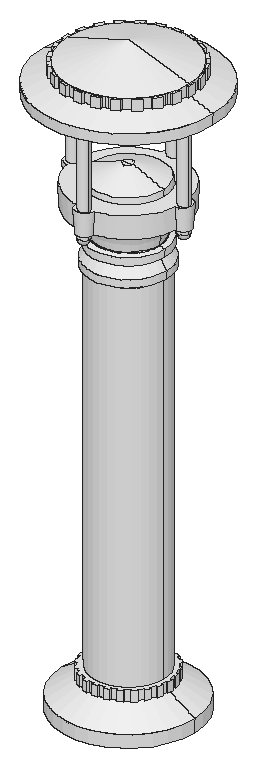
Revit family "BNB4", category Lighting Fixtures, Revit 2021
Family settings
  Round Connector Dimension = Use Diameter
  Part Type = Normal
  OmniClass Number = 23.80.70.14.11
  OmniClass Title = Amenity Lighting
  Work Plane-Based = No
  Always vertical = Yes
  Cut with Voids When Loaded = No
  Light Source = Yes
  Shared = No
  Room Calculation Point = No
Parameters
  Wattage Comments = "21,31 & 41 Watts"  # constant formula
  Wattage = 12.1178 W
  built-in parameter 1150110 = 1 (stored number, unit not read)
  Voltage = 208 V
  URL = "https://www.currentlighting.com/kimlighting"
  Type Comments = "Lighting Fixture"  # constant formula
  built-in parameter 1114217 = 1 (stored number, unit not read)
  Tilt Angle = 90.00°
  built-in parameter 1150109 = 1 (stored number, unit not read)
  built-in parameter 1150134 = (empty or 0)
  built-in parameter 1150113 = 1 (stored number, unit not read)
  Series = "Bounce Bollard Luminaire"  # constant formula
  Product Page URL = ""
  Product Documentation Link = ""
  Power Factor = 1
  Photometric Web File = "bnb-18l3k.ies"
  Photometric Notes = "More IES files download on Photometric Web Link"  # constant formula
  Number of Poles = 1
  Note Visible = yes
  Note Text = "LF"  # constant formula
  Model = "Bounce Bollard"  # constant formula
  MasterFormat Title = "Landscape Lighting, Site Lighting, Walkway Lighting"  # constant formula
  Manufacturer = "Kim Lighting"  # constant formula
  Lumens = 1800 lm
  built-in parameter 1150115 = 1 (stored number, unit not read)
  built-in parameter 1150105 = -856800 (stored number, unit not read)
  Load Classification = Lighting
  Lighting Source Height = 38"
  built-in parameter 1150137 = (empty or 0)
  built-in parameter 1150139 = (empty or 0)
  built-in parameter 1150112 = 1 (stored number, unit not read)
  built-in parameter 1150114 = 1 (stored number, unit not read)
  Lamp = "LED"  # constant formula
  Initial Lumens = 0 lm
  built-in parameter 1150132 = 2
  built-in parameter 1150102 = (empty or 0)
  built-in parameter 1150138 = (empty or 0)
  built-in parameter 1150107 = 3000 (stored number, unit not read)
  built-in parameter 1150106 = -8568 (stored number, unit not read)
  Housing Material = Metal-Aluminum Alloy
  Glass Material = Glass-Clear
  Full Load Current = 0 A
  Finish = "All colors shall be a Super TGIC thermoset polyester powder coat paint"
  Emit from Circle Diameter = 6"  # constant formula
  Emit Shape Visible in Rendering = no
  built-in parameter 1150104 = 13.8 (stored number, unit not read)
  Dimming Lamp Color Temperature Shift = <None>
  Description = "Low Level Luminaire"  # constant formula
  Default Elevation = 0"
  Color Filter = 16777215
  Body Material = Metal-Aluminum Alloy
  built-in parameter 1114218 = 1 (stored number, unit not read)
  built-in parameter 1150133 = 10 (stored number, unit not read)
  Assembly Code = "D5020200"
  Apparent Load = 0 VA
Reference planes (in)
  plane 1 "Light Source Axis (F/B)": y = 0
  plane 2 "Bottom": z = 0
  plane 3 "Light Source Axis (L/R)": x = 0
  plane 4 "Light Source Elevation": z = 38
  plane 5: z = 0.875
  plane 6: z = 2
  plane 7: z = 2.6875
  plane 8: z = 28
  plane 9: z = 28.125
  plane 10: x = -4.6875
  plane 11: x = -2.5
  plane 12: x = -2.875
  plane 13: z = 28.625
  plane 14: z = 29.3125
  plane 15: z = 29.375
  plane 16: z = 29.4375
  plane 17: z = 29.9375
  plane 18: z = 30.0625
  plane 19: z = 30.09871
  plane 20: z = 31.5
  plane 21: z = 33.6875
  plane 22: x = -2.74538
  plane 23: x = -2.60446
  plane 24: x = -2.25
  plane 25: x = -2.52887
  plane 26: z = 31.8125
  plane 27: z = 33.3125
  plane 28: x = 3.9375
  plane 29: x = -3.9375
  plane 30: z = 39
  plane 31: z = 38.875
  plane 32: z = 39.6875
  plane 33: z = 40.3125
  plane 34 "Top": z = 41
  plane 35 "Left": x = -6
  plane 36 "Right": x = 6
  plane 37: x = -4.3125
  plane 38: x = 4.3125
  plane 39: x = 0
  plane 40: x = 0
  plane 41: x = 0
  plane 42: y = 0
  plane 43: z = 38
Forms (in)
  Revolve 1, solid, material "Metal-Aluminum Alloy" <- "Housing Material", detail levels medium+fine
    sketch origin (0, 0, 0) x (1, 0, 0) y (0, 0, 1)
      loop
        line (0, 2) -> (-2.875, 2) -> (-4.6875, 0.875) -> (-4.6875, 0) -> (0, 0) -> (0, 2)
      axis (0, 2) -> (0, 0)
    angle from 0 to 360
  Revolve 2, solid, material "Metal-Aluminum Alloy" <- "Housing Material"
    sketch origin (0, 0, 0) x (1, 0, 0) y (0, 0, 1)
      loop
        line (0, 2) -> (0, 28) -> (-2.5, 28) -> (-2.5, 2) -> (0, 2)
      axis (0, 28) -> (0, 2)
    angle from 0 to 360
  Revolve 3, solid, material "Metal-Aluminum Alloy" <- "Housing Material", detail levels medium+fine
    sketch origin (0, 0, 0) x (1, 0, 0) y (0, 0, 1)
      loop
        line (0, 28) -> (0, 34.5) -> (-0.36866, 34.5) -> (-2.5065, 33.6875) -> (-2.74538, 31.5)
        spline (-2.74538, 31.5) -> (-2.67334, 31.38174) -> (-2.60645, 31.26375) -> (-2.54473, 31.14603) -> (-2.48817, 31.02858) -> (-2.43677, 30.9114) -> (-2.39053, 30.79449) -> (-2.34945, 30.67785) -> (-2.31353, 30.56148) -> (-2.28277, 30.44538) -> (-2.25717, 30.32955) -> (-2.23673, 30.214) -> (-2.22145, 30.09871)
        arc (-2.22145, 30.09871) -> (-2.21962, 30.08064) -> (-2.22046, 30.0625) r 0.12279
        arc (-2.22046, 30.0625) -> (-2.23114, 30.04347) -> (-2.25, 30.03248) r 0.04153
        line (-2.25, 30.03248) -> (-2.60446, 29.9375) -> (-2.60446, 29.4375) -> (-2.25, 29.375) -> (-2.25, 29.3125) -> (-2.74538, 28.625) -> (-2.74538, 28.125) -> (-2.52887, 28) -> (0, 28)
      axis (0, 34.5) -> (0, 28)
    angle from 0 to 360
  Blend 4, solid, material "Metal-Aluminum Alloy" <- "Housing Material", detail levels medium+fine
    base sketch origin (-6.79446, -180, 31.8125) x (-1, 0, 0) y (0, -1, 0)
      loop
        arc (-3.00111, -179.44346) -> (-4.08344, -177.28898) -> (-6.23792, -176.20665) r 3.83396
        arc (-6.23792, -176.20665) -> (-6.79446, -175.5625) -> (-7.351, -176.20665) r 0.5625
        arc (-7.351, -176.20665) -> (-9.50548, -177.28898) -> (-10.58781, -179.44346) r 3.83396
        arc (-10.58781, -179.44346) -> (-11.23196, -180) -> (-10.58781, -180.55654) r 0.5625
        arc (-10.58781, -180.55654) -> (-9.50548, -182.71102) -> (-7.351, -183.79335) r 3.83396
        arc (-7.351, -183.79335) -> (-6.79446, -184.4375) -> (-6.23792, -183.79335) r 0.5625
        arc (-6.23792, -183.79335) -> (-4.08344, -182.71102) -> (-3.00111, -180.55654) r 3.83396
        arc (-3.00111, -180.55654) -> (-2.35696, -180) -> (-3.00111, -179.44346) r 0.5625
    top sketch origin (-6.79446, -180, 31.8125) x (-1, 0, 0) y (0, -1, 0)
      loop
        arc (-2.96503, -179.34548) -> (-4.04682, -177.25348) -> (-6.13837, -176.17084) r 3.88496
        arc (-6.13837, -176.17084) -> (-6.79446, -175.5) -> (-7.45055, -176.17084) r 0.65625
        arc (-7.45055, -176.17084) -> (-9.5421, -177.25348) -> (-10.62389, -179.34548) r 3.88496
        arc (-10.62389, -179.34548) -> (-11.29446, -180.00184) -> (-10.62335, -180.65765) r 0.65625
        arc (-10.62335, -180.65765) -> (-9.54098, -182.74764) -> (-7.45055, -183.82916) r 3.88496
        arc (-7.45055, -183.82916) -> (-6.79446, -184.5) -> (-6.13837, -183.82916) r 0.65625
        arc (-6.13837, -183.82916) -> (-4.04794, -182.74764) -> (-2.96557, -180.65765) r 3.88496
        arc (-2.96557, -180.65765) -> (-2.29446, -180.00184) -> (-2.96503, -179.34548) r 0.65625
    from 0 to 1.5
  Revolve 5, solid, material "Metal-Aluminum Alloy" <- "Housing Material"
    sketch origin (0, 3.94456, 0) x (1, 0, 0) y (0, 0, 1)
      loop
        line (0, 38.875) -> (-0.51175, 38.875) -> (-0.51175, 38.25) -> (-0.375, 38.25) -> (-0.375, 31.5)
        spline (-0.375, 31.5) -> (-0.3724, 31.439) -> (-0.36458, 31.38341) -> (-0.35156, 31.33323) -> (-0.33333, 31.28846) -> (-0.3099, 31.2491) -> (-0.28125, 31.21514) -> (-0.2474, 31.1866) -> (-0.20833, 31.16346) -> (-0.16406, 31.14573) -> (-0.11458, 31.13341) -> (-0.0599, 31.1265) -> (0, 31.125)
        line (0, 31.125) -> (0, 38.875)
      axis (0, 31.125) -> (0, 38.875)
    angle from 0 to 360
  Extrusion 6, solid, material "Glass-Clear" <- "Glass Material", detail levels medium+fine
    sketch origin (-4.44925, -180, 38.875) x (0, -1, 0) y (-1, 0, 0)
      loop
        circle (-180, -4.44925) r 4.8125
    from 0 to -0.125
  Revolve 7, solid, material "Metal-Aluminum Alloy" <- "Housing Material", detail levels medium+fine
    sketch origin (0, 0, 12) x (1, 0, 0) y (0, 0, 1)
      loop
        line (-3.9375, 27) -> (-3.9375, 28.3125) -> (0, 28.3125) -> (0, 30.275) -> (-4.3125, 29) -> (-4.3125, 28.3125) -> (-6, 27.6875) -> (-6, 27) -> (-3.9375, 27)
      axis (0, 30.275) -> (0, 27)
    angle from 0 to 360
  Extrusion 8, solid, material "Metal-Aluminum Alloy" <- "Housing Material", detail levels fine
    sketch origin (0, 0, -2) x (1, 0, 0) y (0, 1, 0)
      loop
        line (-0.28912, 4.3028) -> (-0.83438, 4.23101) -> (-0.88554, 4.42196) -> (-1.44408, 4.2723) -> (-1.39292, 4.08135) -> (-1.90101, 3.87089) -> (-1.99986, 4.04209) -> (-2.50063, 3.75297) -> (-2.40178, 3.58177) -> (-2.8381, 3.24698) -> (-2.97788, 3.38676) -> (-3.38676, 2.97788) -> (-3.24698, 2.8381) -> (-3.58177, 2.40178) -> (-3.75297, 2.50063) -> (-4.04209, 1.99986) -> (-3.87089, 1.90101) -> (-4.08135, 1.39292) -> (-4.2723, 1.44408) -> (-4.42196, 0.88554) -> (-4.23101, 0.83438) -> (-4.3028, 0.28912) -> (-4.50048, 0.28912) -> (-4.50048, -0.28912) -> (-4.3028, -0.28912) -> (-4.23101, -0.83438) -> (-4.42196, -0.88554) -> (-4.2723, -1.44408) -> (-4.08135, -1.39292) -> (-3.87089, -1.90101) -> (-4.04209, -1.99986) -> (-3.75297, -2.50063) -> (-3.58177, -2.40178) -> (-3.24698, -2.8381) -> (-3.38676, -2.97788) -> (-2.97788, -3.38676) -> (-2.8381, -3.24698) -> (-2.40178, -3.58177) -> (-2.50063, -3.75297) -> (-1.99986, -4.04209) -> (-1.90101, -3.87089) -> (-1.39292, -4.08135) -> (-1.44408, -4.2723) -> (-0.88554, -4.42196) -> (-0.83438, -4.23101) -> (-0.28912, -4.3028) -> (-0.28912, -4.50048) -> (0.28912, -4.50048) -> (0.28912, -4.3028) -> (0.83438, -4.23101) -> (0.88554, -4.42196) -> (1.44408, -4.2723) -> (1.39292, -4.08135) -> (1.90101, -3.87089) -> (1.99986, -4.04209) -> (2.50063, -3.75297) -> (2.40178, -3.58177) -> (2.8381, -3.24698) -> (2.97788, -3.38676) -> (3.38676, -2.97788) -> (3.24698, -2.8381) -> (3.58177, -2.40178) -> (3.75297, -2.50063) -> (4.04209, -1.99986) -> (3.87089, -1.90101) -> (4.08135, -1.39292) -> (4.2723, -1.44408) -> (4.42196, -0.88554) -> (4.23585, -0.83567) -> (4.3028, -0.28912) -> (4.50048, -0.28912) -> (4.50048, 0.28912) -> (4.3028, 0.28912) -> (4.23101, 0.83438) -> (4.42196, 0.88554) -> (4.2723, 1.44408) -> (4.08135, 1.39292) -> (3.87089, 1.90101) -> (4.04209, 1.99986) -> (3.75297, 2.50063) -> (3.58177, 2.40178) -> (3.24698, 2.8381) -> (3.38676, 2.97788) -> (2.97788, 3.38676) -> (2.8381, 3.24698) -> (2.40178, 3.58177) -> (2.50063, 3.75297) -> (1.99986, 4.04209) -> (1.90101, 3.87089) -> (1.39292, 4.08135) -> (1.44408, 4.2723) -> (0.88554, 4.42196) -> (0.83438, 4.23101) -> (0.28912, 4.3028) -> (0.28912, 4.50048) -> (-0.28912, 4.50048) -> (-0.28912, 4.3028)
    from 42.3125 to 43
  Extrusion 9, solid, material "Metal-Aluminum Alloy" <- "Housing Material", detail levels fine
    sketch origin (0, 0, -30) x (1, 0, 0) y (0, 1, 0)
      loop
        line (-0.19079, 2.83943) -> (-0.55061, 2.79206) -> (-0.58437, 2.91807) -> (-0.95295, 2.81931) -> (-0.91919, 2.6933) -> (-1.25448, 2.55441) -> (-1.31971, 2.66739) -> (-1.65017, 2.4766) -> (-1.58495, 2.36362) -> (-1.87287, 2.14269) -> (-1.96511, 2.23494) -> (-2.23494, 1.96511) -> (-2.14269, 1.87287) -> (-2.36362, 1.58495) -> (-2.4766, 1.65017) -> (-2.66739, 1.31971) -> (-2.55441, 1.25448) -> (-2.6933, 0.91919) -> (-2.81931, 0.95295) -> (-2.91807, 0.58437) -> (-2.79206, 0.55061) -> (-2.83943, 0.19079) -> (-2.96988, 0.19079) -> (-2.96988, -0.19079) -> (-2.83943, -0.19079) -> (-2.79206, -0.55061) -> (-2.91807, -0.58437) -> (-2.81931, -0.95295) -> (-2.6933, -0.91919) -> (-2.55441, -1.25448) -> (-2.66739, -1.31971) -> (-2.4766, -1.65017) -> (-2.36362, -1.58495) -> (-2.14269, -1.87287) -> (-2.23494, -1.96511) -> (-1.96511, -2.23494) -> (-1.87287, -2.14269) -> (-1.58495, -2.36362) -> (-1.65017, -2.4766) -> (-1.31971, -2.66739) -> (-1.25448, -2.55441) -> (-0.91919, -2.6933) -> (-0.95295, -2.81931) -> (-0.58437, -2.91807) -> (-0.55061, -2.79206) -> (-0.19079, -2.83943) -> (-0.19079, -2.96988) -> (0.19079, -2.96988) -> (0.19079, -2.83943) -> (0.55061, -2.79206) -> (0.58437, -2.91807) -> (0.95295, -2.81931) -> (0.91919, -2.6933) -> (1.25448, -2.55441) -> (1.31971, -2.66739) -> (1.65017, -2.4766) -> (1.58495, -2.36362) -> (1.87287, -2.14269) -> (1.96511, -2.23494) -> (2.23494, -1.96511) -> (2.14269, -1.87287) -> (2.36362, -1.58495) -> (2.4766, -1.65017) -> (2.66739, -1.31971) -> (2.55441, -1.25448) -> (2.6933, -0.91919) -> (2.81931, -0.95295) -> (2.91807, -0.58437) -> (2.79525, -0.55146) -> (2.83943, -0.19079) -> (2.96988, -0.19079) -> (2.96988, 0.19079) -> (2.83943, 0.19079) -> (2.79206, 0.55061) -> (2.91807, 0.58437) -> (2.81931, 0.95295) -> (2.6933, 0.91919) -> (2.55441, 1.25448) -> (2.66739, 1.31971) -> (2.4766, 1.65017) -> (2.36362, 1.58495) -> (2.14269, 1.87287) -> (2.23494, 1.96511) -> (1.96511, 2.23494) -> (1.87287, 2.14269) -> (1.58495, 2.36362) -> (1.65017, 2.4766) -> (1.31971, 2.66739) -> (1.25448, 2.55441) -> (0.91919, 2.6933) -> (0.95295, 2.81931) -> (0.58437, 2.91807) -> (0.55061, 2.79206) -> (0.19079, 2.83943) -> (0.19079, 2.96988) -> (-0.19079, 2.96988) -> (-0.19079, 2.83943)
    from 32 to 32.6875
  Extrusion 10, solid, material "Metal-Aluminum Alloy" <- "Housing Material", detail levels coarse
    sketch origin (0, 0, 0) x (1, 0, 0) y (0, 1, 0)
      loop
        circle (0, 0) r 6
    from 39 to 41
  Extrusion 11, solid, material "Metal-Aluminum Alloy" <- "Housing Material", detail levels coarse
    sketch origin (0, 0, 0) x (1, 0, 0) y (0, 1, 0)
      loop
        circle (0, 0) r 4.6875
    from 0 to 2
  Revolve 12, solid, material "Metal-Aluminum Alloy" <- "Housing Material"
    sketch origin (-3.9375, 0, 0) x (-1, 0, 0) y (0, 0, -1)
      loop
        line (0, -38.875) -> (0, -31.125)
        spline (0, -31.125) -> (-0.0599, -31.1265) -> (-0.11458, -31.13341) -> (-0.16406, -31.14573) -> (-0.20833, -31.16346) -> (-0.2474, -31.1866) -> (-0.28125, -31.21514) -> (-0.3099, -31.2491) -> (-0.33333, -31.28846) -> (-0.35156, -31.33323) -> (-0.36458, -31.38341) -> (-0.3724, -31.439) -> (-0.375, -31.5)
        line (-0.375, -31.5) -> (-0.375, -38.25) -> (-0.51175, -38.25) -> (-0.51175, -38.875) -> (0, -38.875)
      axis (0, -31.125) -> (0, -38.875)
    angle from 0 to 360
  Revolve 13, solid, material "Metal-Aluminum Alloy" <- "Housing Material"
    sketch origin (0, 3.94456, 0) x (-1, 0, 0) y (0, 0, -1)
      loop
        line (0, -38.875) -> (0, -31.125)
        spline (0, -31.125) -> (-0.0599, -31.1265) -> (-0.11458, -31.13341) -> (-0.16406, -31.14573) -> (-0.20833, -31.16346) -> (-0.2474, -31.1866) -> (-0.28125, -31.21514) -> (-0.3099, -31.2491) -> (-0.33333, -31.28846) -> (-0.35156, -31.33323) -> (-0.36458, -31.38341) -> (-0.3724, -31.439) -> (-0.375, -31.5)
        line (-0.375, -31.5) -> (-0.375, -38.25) -> (-0.51175, -38.25) -> (-0.51175, -38.875) -> (0, -38.875)
      axis (0, -31.125) -> (0, -38.875)
    angle from 0 to 360
  Revolve 14, solid, material "Metal-Aluminum Alloy" <- "Housing Material"
    sketch origin (0, -3.94456, 0) x (-1, 0, 0) y (0, 0, 1)
      loop
        line (0, 38.875) -> (-0.51175, 38.875) -> (-0.51175, 38.25) -> (-0.375, 38.25) -> (-0.375, 31.5)
        spline (-0.375, 31.5) -> (-0.3724, 31.439) -> (-0.36458, 31.38341) -> (-0.35156, 31.33323) -> (-0.33333, 31.28846) -> (-0.3099, 31.2491) -> (-0.28125, 31.21514) -> (-0.2474, 31.1866) -> (-0.20833, 31.16346) -> (-0.16406, 31.14573) -> (-0.11458, 31.13341) -> (-0.0599, 31.1265) -> (0, 31.125)
        line (0, 31.125) -> (0, 38.875)
      axis (0, 38.875) -> (0, 31.125)
    angle from 0 to 360
  Revolve 15, solid, material "Metal-Aluminum Alloy" <- "Housing Material"
    sketch origin (3.9375, -0.00706, 0) x (-1, 0, 0) y (0, 0, 1)
      loop
        line (0, 38.875) -> (-0.51175, 38.875) -> (-0.51175, 38.25) -> (-0.375, 38.25) -> (-0.375, 31.5)
        spline (-0.375, 31.5) -> (-0.3724, 31.439) -> (-0.36458, 31.38341) -> (-0.35156, 31.33323) -> (-0.33333, 31.28846) -> (-0.3099, 31.2491) -> (-0.28125, 31.21514) -> (-0.2474, 31.1866) -> (-0.20833, 31.16346) -> (-0.16406, 31.14573) -> (-0.11458, 31.13341) -> (-0.0599, 31.1265) -> (0, 31.125)
        line (0, 31.125) -> (0, 38.875)
      axis (0, 38.875) -> (0, 31.125)
    angle from 0 to 360
  Revolve 16, solid, material "Metal-Aluminum Alloy" <- "Housing Material", detail levels coarse
    sketch origin (0, 0, 0) x (1, 0, 0) y (0, 0, 1)
      loop
        line (0, 33.3125) -> (-4.5, 33.3125) -> (-4.5, 31.5) -> (-2.5, 28) -> (0, 28) -> (0, 33.3125)
      axis (0, 33.3125) -> (0, 28)
    angle from 0 to 360
Lines and regions (in)
  symbolic lines
    curve 1: circle (0, 0, 0) r 6 normal (0, 0, 1)
    curve 11: line (0, 0, 42.25) -> (4.3125, 0, 41)
    curve 14: line (-4.3125, 0, 41) -> (0, 0, 42.25)
    curve 16: line (2.5, 0, 28) -> (2.5, 0, 2)
    curve 17: line (-2.5, 0, 28) -> (-2.5, 0, 2)
    curve 20: line (4.6875, 0, 0) -> (-4.6875, 0, 0)
    curve 37: line (4.5, 0, 33.3125) -> (-4.5, 0, 33.3125)
    curve 99: line (0, 0, 42.25) -> (0, 4.3125, 41)
    curve 103: line (0, -4.30363, 40.9982) -> (0, 0, 42.25)
    curve 108: line (0, 4.6875, 0) -> (0, -4.6875, 0)
    curve 111: line (0, 2.5, 28) -> (0, 2.5, 2)
    curve 112: line (0, -2.5, 28) -> (0, -2.5, 2)
  symbolic lines, detail levels coarse
    curve 2: line (-6, 0, 0) -> (6, 0, 0)
    curve 3: line (0, 6, 0) -> (0, -6, 0)
    curve 12: line (4.3125, 0, 41) -> (4.3125, 0, 33.3125)
    curve 13: line (-4.3125, 0, 33.3125) -> (-4.3125, 0, 41.05208)
    curve 15: line (4.3125, 0, 33.3125) -> (-4.3125, 0, 33.3125)
    curve 24: line (2.5, 0, 2) -> (4.6875, 0, 0)
    curve 25: line (-2.5, 0, 2) -> (-4.6875, 0, 0)
    curve 55: line (-4.3125, 0, 41) -> (-4.3125, 0, 33.3125)
    curve 82: line (2.5, 0, 28) -> (2.5, 0, 33.3125)
    curve 83: line (-2.5, 0, 28) -> (-2.5, 0, 33.3125)
    curve 97: line (4.3125, 0, 41) -> (-4.3125, 0, 33.3125)
    curve 98: line (-4.3125, 0, 41) -> (4.3125, 0, 33.3125)
    curve 100: line (0, 4.3125, 41) -> (0, 4.3125, 33.3125)
    curve 101: line (0, 4.3125, 33.3125) -> (0, -4.30363, 33.3125)
    curve 102: line (0, -4.30363, 33.3125) -> (0, -4.30363, 40.9982)
    curve 104: line (0, 2.5, 28) -> (0, 2.5, 33.3125)
    curve 105: line (0, -2.5, 28) -> (0, -2.5, 33.3125)
    curve 106: line (0, 2.5, 2) -> (0, 4.6875, 0)
    curve 107: line (0, -2.5, 2) -> (0, -4.6875, 0)
    curve 109: line (0, 4.3125, 41) -> (0, -4.30363, 33.3125)
    curve 110: line (0, -4.30363, 40.9982) -> (0, 4.3125, 33.3125)
  symbolic lines, detail levels medium+fine
    curve 4: circle (0, 0, 0) r 4.8125 normal (0, 0, 1)
    curve 5: circle (0, 0, 0) r 0.5 normal (0, 0, 1)
    curve 18: line (2.875, 0, 2) -> (4.6875, 0, 0.875)
    curve 19: line (4.6875, 0, 0.875) -> (4.6875, 0, 0)
    curve 21: line (-4.6875, 0, 0) -> (-4.6875, 0, 0.875)
    curve 22: line (-4.6875, 0, 0.875) -> (-2.83943, 0, 2)
    curve 23: line (2.875, 0, 2) -> (-2.83943, 0, 2)
    curve 26: line (2.5, 0, 28) -> (2.74538, 0, 28.125)
    curve 27: line (2.74538, 0, 28.125) -> (2.74538, 0, 28.625)
    curve 28: line (2.74538, 0, 28.625) -> (2.25, 0, 29.3125)
    curve 29: line (2.25, 0, 29.3125) -> (2.25, 0, 29.375)
    curve 30: line (2.25, 0, 29.375) -> (2.60446, 0, 29.4375)
    curve 31: line (2.60446, 0, 29.4375) -> (2.60446, 0, 29.9375)
    curve 32: line (2.60446, 0, 29.9375) -> (2.22046, 0, 30.0625)
    curve 33: line (2.22046, 0, 30.0625) -> (2.74538, 0, 31.5)
    curve 34: line (2.74538, 0, 31.5) -> (2.71804, 0, 31.8125)
    curve 35: line (-4.4375, 0, 31.8125) -> (4.4375, 0, 31.8125)
    curve 36: line (4.4375, 0, 31.8125) -> (4.5, 0, 33.3125)
    curve 38: line (-4.5, 0, 33.3125) -> (-4.4375, 0, 31.8125)
    curve 39: line (2.5065, 0, 33.6875) -> (0.375, 0, 34.49759)
    curve 40: line (4.44925, 0, 38.875) -> (4.44925, 0, 38.25)
    curve 41: line (4.44925, 0, 38.25) -> (3.42575, 0, 38.25)
    curve 42: line (3.42575, 0, 38.25) -> (3.42575, 0, 38.875)
    curve 43: line (4.3125, 0, 38.25) -> (4.3125, 0, 33.3125)
    curve 44: line (3.5625, 0, 38.25) -> (3.5625, 0, 33.3125)
    curve 45: line (0.375, 0, 38.25) -> (0.375, 0, 33.3125)
    curve 46: line (4.3125, 0, 40.3125) -> (6, 0, 39.6875)
    curve 47: line (6, 0, 39.6875) -> (6, 0, 39)
    curve 48: line (6, 0, 39) -> (-6, 0, 39)
    curve 49: line (0, 0, 39) -> (0, 0, 38.875)
    curve 50: line (0.51175, 0, 38.875) -> (0.51175, 0, 38.25)
    curve 51: line (0.51175, 0, 38.25) -> (0, 0, 38.25)
    curve 54: line (2.5065, 0, 33.6875) -> (2.74538, 0, 31.5)
    curve 56: line (-2.5, 0, 28) -> (-2.74538, 0, 28.125)
    curve 57: line (-2.74538, 0, 28.125) -> (-2.74538, 0, 28.625)
    curve 58: line (-2.74538, 0, 28.625) -> (-2.25, 0, 29.3125)
    curve 59: line (-2.25, 0, 29.3125) -> (-2.25, 0, 29.375)
    curve 60: line (-2.25, 0, 29.375) -> (-2.60446, 0, 29.4375)
    curve 61: line (-2.60446, 0, 29.4375) -> (-2.60446, 0, 29.9375)
    curve 62: line (-2.60446, 0, 29.9375) -> (-2.22046, 0, 30.0625)
    curve 63: line (-2.22046, 0, 30.0625) -> (-2.74538, 0, 31.5)
    curve 64: line (-2.74538, 0, 31.5) -> (-2.71804, 0, 31.8125)
    curve 65: line (-4.4375, 0, 31.8125) -> (-4.5, 0, 33.3125)
    curve 66: line (-2.5065, 0, 33.6875) -> (-0.375, 0, 34.49759)
    curve 67: line (-4.44925, 0, 38.875) -> (-4.44925, 0, 38.25)
    curve 68: line (-4.44925, 0, 38.25) -> (-3.42575, 0, 38.25)
    curve 69: line (-3.42575, 0, 38.25) -> (-3.42575, 0, 38.875)
    curve 70: line (-4.3125, 0, 38.25) -> (-4.3125, 0, 33.3125)
    curve 71: line (-3.5625, 0, 38.25) -> (-3.5625, 0, 33.3125)
    curve 72: line (-0.375, 0, 38.25) -> (-0.375, 0, 33.3125)
    curve 73: line (0, 0, 39) -> (0, 0, 38.875)
    curve 74: line (-0.51175, 0, 38.875) -> (-0.51175, 0, 38.25)
    curve 75: line (-0.51175, 0, 38.25) -> (0, 0, 38.25)
    curve 78: line (-2.5065, 0, 33.6875) -> (-2.74538, 0, 31.5)
    curve 80: line (-6, 0, 39.6875) -> (-6, 0, 39)
    curve 81: line (-4.3125, 0, 40.3125) -> (-6, 0, 39.6875)
    curve 84: line (4.3125, 0, 40.3125) -> (4.3125, 0, 41)
    curve 85: line (-4.3125, 0, 41) -> (-4.3125, 0, 40.3125)
    curve 88: line (2.22046, 0, 30.0625) -> (-2.22046, 0, 30.0625)
    curve 93: line (2.5, 0, 28) -> (-2.5, 0, 28)
    curve 113: line (0, 2.5065, 33.6875) -> (0, 2.74538, 31.5)
    curve 114: line (0, 2.74538, 31.5) -> (0, 2.22046, 30.0625)
    curve 115: line (0, 2.22046, 30.0625) -> (0, 2.60446, 29.9375)
    curve 116: line (0, 2.60446, 29.9375) -> (0, 2.60446, 29.4375)
    curve 117: line (0, 2.60446, 29.4375) -> (0, 2.24143, 29.3125)
    curve 118: line (0, 2.24143, 29.3125) -> (0, 2.74538, 28.625)
    curve 119: line (0, 2.74538, 28.625) -> (0, 2.74538, 28.125)
    curve 120: line (0, 2.74538, 28.125) -> (0, 2.5, 28)
    curve 121: line (0, -2.5, 28) -> (0, -2.625, 28.125)
    curve 122: line (0, -2.52887, 28) -> (0, -2.74538, 28.125)
    curve 123: line (0, -2.74538, 28.125) -> (0, -2.74538, 28.625)
    curve 124: line (0, -2.74538, 28.625) -> (0, -2.24588, 29.3125)
    curve 125: line (0, -2.24588, 29.3125) -> (0, -2.24588, 29.375)
    curve 126: line (0, -2.24588, 29.375) -> (0, -2.60446, 29.4375)
    curve 127: line (0, -2.60446, 29.4375) -> (0, -2.60446, 29.9375)
    curve 128: line (0, -2.60446, 29.9375) -> (0, -2.21974, 30.0625)
    curve 129: line (0, -2.21974, 30.0625) -> (0, -2.74538, 31.5)
    curve 130: line (0, -2.74538, 31.5) -> (0, -2.5065, 33.6875)
    curve 131: line (0, -2.5065, 33.6875) -> (0, -0.375, 34.49759)
    curve 132: line (0, 2.5065, 33.6875) -> (0, 0.37619, 34.49714)
    curve 133: line (0, 4.5, 33.3125) -> (0, -4.5, 33.3125)
    curve 134: line (0, 4.5, 33.3125) -> (0, 4.4375, 31.8125)
    curve 135: line (0, 4.4375, 31.8125) -> (0, -4.4375, 31.8125)
    curve 136: line (0, -4.5, 33.3125) -> (0, -4.4375, 31.8125)
    curve 137: line (0, 0.37619, 33.3125) -> (0, 0.37619, 38.25)
    curve 138: line (0, 0.51175, 38.875) -> (0, 0.51175, 38.25)
    curve 139: line (0, -0.51175, 38.25) -> (0, -0.51175, 38.875)
    curve 140: line (0, -0.375, 38.25) -> (0, -0.375, 33.3125)
    curve 141: line (0, 4.45631, 38.875) -> (0, 4.45631, 38.25)
    curve 142: line (0, 3.43281, 38.25) -> (0, 3.43281, 38.875)
    curve 143: line (0, 3.56956, 38.25) -> (0, 3.56956, 33.3125)
    curve 144: line (0, 4.3125, 33.3125) -> (0, 4.3125, 38.25)
    curve 145: line (0, -3.43281, 38.875) -> (0, -3.43281, 38.25)
    curve 146: line (0, -4.45631, 38.25) -> (0, -4.45631, 38.875)
    curve 147: line (0, -3.56956, 38.25) -> (0, -3.56956, 33.3125)
    curve 148: line (0, -4.30363, 38.25) -> (0, -4.30363, 33.3125)
    curve 149: line (0, 2.22046, 30.0625) -> (0, -2.21974, 30.0625)
    curve 151: line (0, 2.74538, 28.125) -> (0, -2.74538, 28.125)
    curve 152: line (0, 2.5, 28) -> (0, -2.5, 28)
    curve 153: line (0, 4.3125, 40.3125) -> (0, 6.00138, 39.6875)
    curve 154: line (0, 6.00138, 39.6875) -> (0, 6.00138, 39)
    curve 155: line (0, 6.00138, 39) -> (0, -6, 39)
    curve 156: line (0, -6, 39) -> (0, -6, 39.6875)
    curve 157: line (0, -6, 39.6875) -> (0, -4.30363, 40.3125)
    curve 161: line (0, -3.43281, 38.25) -> (0, -4.45631, 38.25)
    curve 162: line (0, 0.51175, 38.25) -> (0, -0.51175, 38.25)
    curve 163: line (0, 4.45631, 38.25) -> (0, 3.43281, 38.25)
    curve 164: line (0, 4.81765, 39) -> (0, 4.81765, 38.875)
    curve 165: line (0, 4.81765, 38.875) -> (0, -4.8125, 38.875)
    curve 166: line (0, -4.8125, 38.875) -> (0, -4.8125, 39)
    curve 167: line (0, 2.875, 2) -> (0, 4.6875, 0.875)
    curve 168: line (0, 4.6875, 0.875) -> (0, 4.6875, 0)
    curve 169: line (0, -2.875, 2) -> (0, -4.6875, 0.875)
    curve 170: line (0, -4.6875, 0.875) -> (0, -4.6875, 0)
    curve 171: line (0, 4.3125, 40.3125) -> (0, 4.3125, 41)
    curve 172: line (0, -4.30987, 41) -> (0, -4.30987, 40.31065)
    curve 173: line (0, -4.30987, 40.31065) -> (0, -5.99478, 39.68987)
    curve 174: line (0, 2.875, 2) -> (0, -2.875, 2)
  symbolic lines, detail levels fine
    curve 6: circle (0, 3.94456, 0) r 0.51175 normal (0, 0, 1)
    curve 7: circle (3.94456, 0, 0) r 0.51175 normal (0, 0, 1)
    curve 8: circle (-3.94456, 0, 0) r 0.51175 normal (0, 0, -1)
    curve 9: circle (0, -3.94456, 0) r 0.51175 normal (0, 0, -1)
    curve 10: circle (0, 0, 0) r 4.50976 normal (0, 0, 1)
    curve 52: line (4.3125, 0, 40.3125) -> (0, 0, 40.3125)
    curve 53: line (4.3125, 0, 41) -> (0, 0, 41)
    curve 76: line (-4.3125, 0, 40.3125) -> (0, 0, 40.3125)
    curve 77: line (-4.3125, 0, 41) -> (0, 0, 41)
    curve 79: line (6, 0, 39.6875) -> (-6, 0, 39.6875)
    curve 86: line (2.5065, 0, 33.6875) -> (-2.5065, 0, 33.6875)
    curve 87: line (2.74538, 0, 31.5) -> (-2.74538, 0, 31.5)
    curve 89: line (2.60446, 0, 29.9375) -> (-2.60446, 0, 29.9375)
    curve 90: line (2.60446, 0, 29.4375) -> (-2.60446, 0, 29.4375)
    curve 91: line (2.25, 0, 29.3125) -> (-2.25, 0, 29.3125)
    curve 92: line (2.74538, 0, 28.125) -> (-2.74538, 0, 28.125)
    curve 94: line (4.6875, 0, 0.875) -> (-4.6875, 0, 0.875)
    curve 95: line (2.5, 0, 2.6875) -> (-2.5, 0, 2.6875)
    curve 96: line (2.5, 0, 2) -> (-2.5, 0, 2)
    curve 150: line (0, 2.24143, 29.3125) -> (0, -2.25857, 29.3125)
    curve 158: line (0, 4.3125, 40.3125) -> (0, -4.30363, 40.3125)
    curve 159: line (0, 4.3125, 41) -> (0, -4.30987, 41)
    curve 160: line (0, 6.00138, 39.6875) -> (0, -6, 39.6875)
    curve 175: line (0, 2.5, 2.6875) -> (0, -2.5, 2.6875)
    curve 176: line (0, 4.6875, 0.875) -> (0, -4.6875, 0.875)
    curve 177: line (0, 2.5065, 33.6875) -> (0, -2.5065, 33.6875)
    curve 178: line (0, 2.74538, 31.5) -> (0, -2.74538, 31.5)
Dimensions and locks (in)
  plane 24 to plane 3 "Light Source Axis (L/R)" to plane 28 = 2 1/4" locked, 3 15/16" locked
  locked: plane 3 "Light Source Axis (L/R)" to plane 38 at 4.3125  (x2)
  locked: plane 11 to plane 3 "Light Source Axis (L/R)" at 2.5
  locked: plane 25 to plane 3 "Light Source Axis (L/R)" at 2.52887
  locked: plane 23 to plane 3 "Light Source Axis (L/R)" at 2.60446
  locked: plane 22 to plane 3 "Light Source Axis (L/R)" at 2.74538
  locked: plane 12 to plane 3 "Light Source Axis (L/R)" at 2.875
  locked: plane 29 to plane 3 "Light Source Axis (L/R)" at 3.9375
  locked: plane 37 to plane 3 "Light Source Axis (L/R)" at 4.3125
  locked: plane 10 to plane 3 "Light Source Axis (L/R)" at 4.6875
  plane 39 to plane 3 "Light Source Axis (L/R)" = 0"
  locked: plane 35 "Left" to plane 3 "Light Source Axis (L/R)" at 6
  locked: plane 3 "Light Source Axis (L/R)" to plane 36 "Right" at 6
  plane 3 "Light Source Axis (L/R)" to plane 40 = 0"
  locked: plane 3 "Light Source Axis (L/R)" to plane 28 at 3.9375
  locked: plane 34 "Top" to plane 43 at 3
  locked: plane 33 to plane 43 at 2.3125
  locked: plane 32 to plane 43 at 1.6875
  locked: plane 30 to plane 43 at 1
  locked: plane 31 to plane 43 at 0.875
  locked: plane 43 to plane 21 at 4.3125
  locked: plane 43 to plane 27 at 4.6875
  locked: plane 43 to plane 26 at 6.1875
  locked: plane 43 to plane 20 at 6.5
  locked: plane 43 to plane 19 at 7.90129
  locked: plane 43 to plane 16 at 8.5625
  locked: plane 43 to plane 15 at 8.625
  locked: plane 43 to plane 14 at 8.6875
  locked: plane 43 to plane 13 at 9.375
  locked: plane 43 to plane 9 at 9.875
  locked: plane 43 to plane 8 at 10
  locked: plane 7 to level at 2.6875
  locked: plane 6 to level at 2
  locked: plane 5 to level at 0.875
  "Lighting Source Height": plane 43 to plane 2 "Bottom"
  locked: plane 43 to plane 18 at 7.9375
  locked: plane 43 to plane 17 at 8.0625
  aligned and locked: plane 3 "Light Source Axis (L/R)" to imposter light
  aligned and locked: plane 1 "Light Source Axis (F/B)" to imposter light
  aligned and locked: plane 4 "Light Source Elevation" to imposter light
  aligned and locked: plane 8 to Revolve 2  (x2)
  aligned and locked: plane 8 to Revolve 3
  aligned and locked: plane 9 to Revolve 3  (x4)
  aligned and locked: plane 10 to Revolve 1
  aligned and locked: plane 11 to Revolve 2
  aligned and locked: Revolve 1 to plane 2 "Bottom"
  aligned and locked: plane 5 to Revolve 1
  aligned and locked: plane 6 to Revolve 1
  aligned and locked: plane 13 to Revolve 3  (x3)
  aligned and locked: plane 14 to Revolve 3
  aligned and locked: plane 15 to Revolve 3
  aligned and locked: plane 16 to Revolve 3
  aligned and locked: plane 19 to Revolve 3
  aligned and locked: plane 20 to Revolve 3
  aligned and locked: plane 21 to Revolve 3
  aligned and locked: plane 22 to Revolve 3
  aligned and locked: plane 23 to Revolve 3
  aligned and locked: plane 24 to Revolve 3
  aligned and locked: plane 25 to Revolve 3
  aligned and locked: Blend 4 to plane 27
  aligned and locked: plane 31 to Revolve 5
  aligned and locked: plane 30 to Extrusion 6
  aligned and locked: plane 31 to Extrusion 6
  aligned and locked: Revolve 7 to plane 32
  aligned and locked: plane 33 to Revolve 7
  aligned and locked: plane 34 "Top" to Revolve 7
  aligned and locked: plane 35 "Left" to Revolve 7
  aligned and locked: plane 36 "Right" to Revolve 7
  aligned and locked: plane 37 to Revolve 7
  aligned and locked: plane 38 to Revolve 7
  aligned and locked: plane 39 to Extrusion 6
  aligned and locked: plane 40 to Extrusion 6
  aligned and locked: Blend 4 to plane 26
  aligned and locked: Extrusion 8 to plane 34 "Top"
  aligned and locked: plane 33 to Extrusion 8
  aligned and locked: plane 6 to Extrusion 9
  aligned and locked: plane 7 to Extrusion 9
  aligned and locked: Extrusion 10 to plane 34 "Top"
  aligned and locked: Extrusion 10 to plane 30
  aligned and locked: Extrusion 11 to plane 2 "Bottom"
  aligned and locked: Extrusion 11 to plane 6
  aligned and locked: curve 6 to Revolve 5
  aligned and locked: plane 41 to nested 1
  aligned and locked: plane 4 "Light Source Elevation" to plane 43
  aligned and locked: plane 34 "Top" to Extrusion 8
  aligned and locked: plane 34 "Top" to curve 77
  aligned and locked: plane 27 to curve 97
  aligned and locked: plane 27 to curve 98
  aligned and locked: Revolve 3 to plane 13
  aligned and locked: curve 91 to plane 14
  aligned and locked: Revolve 3 to plane 15
  aligned and locked: curve 90 to plane 16
  aligned and locked: curve 89 to plane 17
  aligned and locked: Revolve 3 to plane 19
  aligned and locked: plane 18 to curve 88
  aligned and locked: curve 87 to plane 20
  aligned and locked: curve 35 to plane 26
  aligned and locked: plane 27 to Blend 4
  aligned and locked: plane 27 to curve 83
  aligned and locked: plane 27 to curve 82
  aligned and locked: plane 8 to curve 93
  aligned and locked: plane 14 to curve 91
  aligned and locked: plane 15 to curve 59
  aligned and locked: plane 16 to curve 90
  aligned and locked: plane 13 to curve 27
  aligned and locked: plane 8 to curve 26
  aligned and locked: plane 9 to curve 27
  aligned and locked: plane 41 to curve 11
  aligned and locked: curve 52 to plane 33
  aligned and locked: plane 37 to curve 85
  aligned and locked: curve 84 to plane 38
  aligned and locked: plane 33 to curve 85
  aligned and locked: plane 33 to curve 81
  aligned and locked: plane 34 "Top" to curve 53
  aligned and locked: plane 35 "Left" to curve 81
  aligned and locked: plane 32 to curve 80
  aligned and locked: plane 30 to curve 48
  aligned and locked: curve 47 to plane 36 "Right"
  aligned and locked: plane 33 to curve 46
  aligned and locked: plane 32 to curve 79
  aligned and locked: plane 30 to curve 49
  aligned and locked: Revolve 15 sketch curve to plane 28
  aligned and locked: curve 18 to Revolve 1
  aligned and locked: curve 24 to Revolve 1
  aligned and locked: plane 41 to Extrusion 10 sketch curve
  aligned and locked: plane 1 "Light Source Axis (F/B)" to Extrusion 10 sketch curve
  aligned and locked: Blend 4 to Revolve 16 sketch curve
  aligned and locked: Revolve 3 to Revolve 16 sketch curve
  aligned and locked: Revolve 16 sketch curve to plane 3 "Light Source Axis (L/R)"
  aligned and locked: plane 20 to Revolve 16 sketch curve
  aligned and locked: Revolve 16 sketch curve to curve 83
  aligned and locked: plane 8 to Revolve 16 sketch curve
  aligned and locked: Revolve 16 sketch curve to Revolve 16 sketch curve
Automatic sketch dimensions
  curve 156 to plane 30 = 0"
  curve 160 to plane 32 = 0"
  curve 166 to plane 31 = 0"
  curve 176 to plane 5 = 0"
  curve 108 to level = 0"
  curve 136 to plane 27 = 0"
  curve 135 to plane 26 = 0"
  curve 159 to plane 34 "Top" = 0"
  curve 102 to plane 27 = 0"
  curve 157 to plane 33 = 0"
  curve 158 to plane 33 = 0"
  curve 174 to plane 6 = 0"
  curve 151 to plane 9 = 0"
  curve 130 to plane 20 = 0"
  curve 123 to plane 13 = 0"
  curve 128 to plane 17 = 0"
  curve 127 to plane 16 = 0"
  curve 122 to plane 8 = 0"
  curve 131 to plane 21 = 0"
  curve 121 to plane 8 = 0"
  curve 107 to plane 6 = 0"
  curve 175 to plane 7 = 0"
  curve 150 to plane 14 = 0"
  curve 125 to plane 15 = 0"
  curve 125 to plane 14 = 0"
  curve 128 to plane 18 = 0"
  curve 103 to plane 1 "Light Source Axis (F/B)" = 0"
  curve 106 to plane 6 = 0"
  curve 117 to plane 16 = 0"
  curve 116 to plane 17 = 0"
  curve 118 to plane 13 = 0"
  curve 153 to plane 33 = 0"
  plane 1 "Light Source Axis (F/B)" to curve 140 = 3/8"
  curve 139 to curve 140 = 0.13675"
  plane 1 "Light Source Axis (F/B)" to curve 149 = 2.21974"
  curve 124 to curve 128 = 0.02614"
  curve 150 to curve 124 = 0.01269"
  curve 105 to curve 150 = 0.24143"
  curve 130 to curve 105 = 0.0065"
  curve 122 to curve 105 = 0.02887"
  curve 127 to curve 128 = 0.38471"
  curve 121 to curve 122 = 0.09613"
  curve 124 to curve 121 = 0.12038"
  curve 178 to curve 128 = 0.52564"
  curve 169 to curve 107 = 3/8"
  curve 161 to plane 4 "Light Source Elevation" = 1/4"
  curve 161 to curve 139 = 2.92106"
  curve 147 to curve 105 = 1.06956"
  curve 148 to curve 147 = 0.73407"
  curve 172 to curve 102 = 0.00624"
  curve 136 to curve 101 = 0.13387"
  curve 146 to curve 148 = 0.15267"
  curve 133 to curve 101 = 0.19637"
  curve 170 to curve 169 = 1 13/16"
  curve 165 to curve 146 = 0.35619"
  plane 32 to curve 173 = 0.00237"
  curve 173 to curve 166 = 1.18228"
  curve 157 to curve 173 = 0.00522"
  curve 137 to plane 1 "Light Source Axis (F/B)" = 0.37619"
  curve 138 to plane 1 "Light Source Axis (F/B)" = 0.51175"
  curve 149 to plane 1 "Light Source Axis (F/B)" = 2.22046"
  curve 114 to curve 150 = 0.02097"
  curve 106 to plane 1 "Light Source Axis (F/B)" = 2 1/2"
  curve 104 to curve 132 = 0.0065"
  curve 117 to curve 117 = 0.36303"
  curve 114 to curve 113 = 0.52492"
  curve 104 to curve 118 = 0.24538"
  curve 106 to curve 174 = 3/8"
  curve 163 to plane 4 "Light Source Elevation" = 1/4"
  curve 138 to curve 163 = 2.92106"
  curve 104 to curve 143 = 1.06956"
  curve 143 to curve 100 = 0.74294"
  curve 100 to curve 134 = 1/8"
  curve 144 to curve 141 = 0.14381"
  curve 100 to curve 133 = 3/16"
  curve 167 to curve 176 = 1 13/16"
  curve 141 to curve 164 = 0.36134"
  curve 164 to curve 154 = 1.18374"
  curve 132 to plane 21 = 0.80964"
  curve 132 to curve 131 = 0.00045"
  curve 140 to plane 4 "Light Source Elevation" = 1/4"
  plane 33 to curve 172 = 0.00185"
  plane 34 "Top" to curve 110 = 0.0018"
  curve 103 to plane 34 "Top" = 1 1/4"
  curve 1 to curve 4 = 0"  (x2)
  curve 1 to curve 5 = 0"  (x2)
  curve 1 to curve 10 = 0"  (x2)
  curve 4 to curve 5 = 0"  (x2)
  curve 4 to curve 10 = 0"  (x2)
  curve 5 to curve 10 = 0"  (x2)
  curve 2 to plane 1 "Light Source Axis (F/B)" = 0"
  curve 2 to plane 35 "Left" = 0"
  curve 8 to plane 1 "Light Source Axis (F/B)" = 0"
  curve 9 to plane 3 "Light Source Axis (L/R)" = 0"
  curve 3 to plane 3 "Light Source Axis (L/R)" = 0"
  curve 4 to plane 1 "Light Source Axis (F/B)" = 0"
  curve 4 to plane 3 "Light Source Axis (L/R)" = 0"
  curve 7 to plane 1 "Light Source Axis (F/B)" = 0"
  curve 8 to plane 29 = 0.00706"
  curve 7 to plane 28 = 0.00706"
  curve 3 to curve 9 = 2.05544"
  Revolve 1 sketch curve to plane 5 = 0"
  Revolve 1 sketch curve to plane 10 = 0"
  Revolve 1 sketch curve to plane 6 = 0"
  Revolve 1 sketch curve to plane 12 = 0"
  Revolve 1 sketch curve to plane 3 "Light Source Axis (L/R)" = 0"  (x2)
  Revolve 1 sketch curve to level = 0"
  Revolve 1 sketch curve to Revolve 1 sketch curve = 24"
  Revolve 1 sketch curve to plane 34 "Top" = 51.545"
  Revolve 2 sketch curve to plane 8 = 0"
  Revolve 2 sketch curve to plane 11 = 0"
  Revolve 2 sketch curve to plane 3 "Light Source Axis (L/R)" = 0"  (x2)
  Revolve 2 sketch curve to plane 6 = 0"
  Revolve 2 sketch curve to level = 24"
  Revolve 2 sketch curve to plane 34 "Top" = 53.545"
  Revolve 3 sketch curve to plane 13 = 0"
  Revolve 3 sketch curve to plane 22 = 0"  (x2)
  Revolve 3 sketch curve to plane 20 = 0"
  Revolve 3 sketch curve to plane 16 = 0"
  Revolve 3 sketch curve to plane 23 = 0"
  Revolve 3 sketch curve to plane 8 = 0"
  Revolve 3 sketch curve to plane 25 = 0"
  Revolve 3 sketch curve to plane 21 = 0"
  Revolve 3 sketch curve to plane 14 = 0"
  Revolve 3 sketch curve to plane 24 = 0"  (x2)
  Revolve 3 sketch curve to plane 19 = 0"
  Revolve 3 sketch curve to plane 18 = 0"
  Revolve 3 sketch curve to plane 3 "Light Source Axis (L/R)" = 0"  (x2)
  Revolve 3 sketch curve to plane 9 = 0"
  Revolve 3 sketch curve to plane 15 = 0"
  Revolve 3 sketch curve to plane 17 = 0"
  Revolve 3 sketch curve to plane 11 = 0.0065"
  Revolve 3 sketch curve to plane 18 = 0.01478"
  Revolve 3 sketch curve to plane 24 = 0.09236"
  Revolve 3 sketch curve to plane 24 = 0.01075"
  plane 24 to Revolve 3 sketch curve = 0.02855"
  Revolve 3 sketch curve to Revolve 3 sketch curve = 0.36866"
  Revolve 3 sketch curve to level = 26"
  plane 18 to Revolve 3 sketch curve = 0.03002"
  Revolve 3 sketch curve to plane 21 = 13/16"
  Revolve 3 sketch curve to plane 34 "Top" = 51.545"
  Blend 4 sketch curve to Blend 4 sketch curve = 0"  (x24)
  Blend 4 sketch curve to plane 1 "Light Source Axis (F/B)" = 0"  (x4)
  Blend 4 sketch curve to plane 3 "Light Source Axis (L/R)" = 0"  (x6)
  plane 3 "Light Source Axis (L/R)" to Blend 4 sketch curve = 0.55654"  (x2)
  plane 28 to Blend 4 sketch curve = 0.14415"  (x2)
  plane 28 to Blend 4 sketch curve = 1/16"
  Blend 4 sketch curve to plane 3 "Light Source Axis (L/R)" = 0.55654"  (x2)
  plane 29 to Blend 4 sketch curve = 0.14415"
  plane 29 to Blend 4 sketch curve = 1/16"
  Blend 4 sketch curve to plane 1 "Light Source Axis (F/B)" = 0.55654"
  Blend 4 sketch curve to Blend 4 sketch curve = 0.08165"  (x2)
  plane 3 "Light Source Axis (L/R)" to Blend 4 sketch curve = 0.65609"  (x2)
  plane 28 to Blend 4 sketch curve = 0.10861"
  plane 28 to Blend 4 sketch curve = 0.10807"
  Blend 4 sketch curve to plane 1 "Light Source Axis (F/B)" = 0.00157"  (x2)
  plane 28 to Blend 4 sketch curve = 3/32"
  Blend 4 sketch curve to plane 3 "Light Source Axis (L/R)" = 0.65609"  (x2)
  plane 29 to Blend 4 sketch curve = 0.10861"
  plane 29 to Blend 4 sketch curve = 0.10807"
  Blend 4 sketch curve to Blend 4 sketch curve = 0.65608"
  Blend 4 sketch curve to Blend 4 sketch curve = 0.01459"  (x2)
  Revolve 5 sketch curve to plane 31 = 0"
  Revolve 5 sketch curve to plane 20 = 0"
  Revolve 5 sketch curve to plane 3 "Light Source Axis (L/R)" = 0"  (x2)
  Revolve 5 sketch curve to plane 3 "Light Source Axis (L/R)" = 3/8"
  Revolve 5 sketch curve to Revolve 5 sketch curve = 0.51175"
  plane 20 to Revolve 5 sketch curve = 3/8"
  Revolve 5 sketch curve to level = 24"
  Revolve 5 sketch curve to plane 4 "Light Source Elevation" = 1/4"
  Revolve 5 sketch curve to plane 34 "Top" = 51.545"
  Extrusion 6 sketch curve to plane 1 "Light Source Axis (F/B)" = 0"
  Extrusion 6 sketch curve to plane 3 "Light Source Axis (L/R)" = 0"
  Revolve 7 sketch curve to plane 32 = 0"
  Revolve 7 sketch curve to plane 35 "Left" = 0"
  Revolve 7 sketch curve to plane 33 = 0"  (x2)
  Revolve 7 sketch curve to plane 37 = 0"
  Revolve 7 sketch curve to plane 29 = 0"
  Revolve 7 sketch curve to plane 3 "Light Source Axis (L/R)" = 0"  (x2)
  Revolve 7 sketch curve to plane 30 = 0"
  Revolve 7 sketch curve to plane 34 "Top" = 0"
  Revolve 7 sketch curve to level = 26"
  Revolve 7 sketch curve to plane 34 "Top" = 1.275"
  Revolve 7 sketch curve to Revolve 7 sketch curve = 50.27"
  Extrusion 8 sketch curve to plane 10 = 0.18702"
  plane 37 to Extrusion 8 sketch curve = 0.10946"  (x2)
  Extrusion 8 sketch curve to plane 37 = 0.0097"  (x2)
  Extrusion 8 sketch curve to plane 37 = 0.0402"  (x2)
  Extrusion 8 sketch curve to plane 37 = 0.08149"  (x2)
  Extrusion 8 sketch curve to plane 29 = 0.14385"  (x2)
  Extrusion 8 sketch curve to plane 29 = 0.10459"  (x2)
  plane 29 to Extrusion 8 sketch curve = 0.06661"  (x2)
  plane 29 to Extrusion 8 sketch curve = 0.18453"  (x2)
  Extrusion 8 sketch curve to Extrusion 8 sketch curve = 0.1712"  (x6)
  plane 12 to Extrusion 8 sketch curve = 0.51176"  (x2)
  Extrusion 8 sketch curve to Extrusion 8 sketch curve = 0.13978"  (x10)
  plane 12 to Extrusion 8 sketch curve = 0.10288"  (x2)
  Extrusion 8 sketch curve to plane 12 = 0.0369"  (x2)
  Extrusion 8 sketch curve to plane 11 = 0.00063"  (x2)
  plane 11 to Extrusion 8 sketch curve = 0.09822"  (x2)
  plane 24 to Extrusion 8 sketch curve = 0.25014"  (x2)
  Extrusion 8 sketch curve to Extrusion 8 sketch curve = 0.09884"  (x10)
  Extrusion 8 sketch curve to Extrusion 8 sketch curve = 0.55577"  (x4)
  Extrusion 8 sketch curve to Extrusion 8 sketch curve = 0.05116"  (x12)
  Extrusion 8 sketch curve to Extrusion 8 sketch curve = 0.55854"  (x4)
  Extrusion 8 sketch curve to plane 3 "Light Source Axis (L/R)" = 0.28912"  (x2)
  plane 3 "Light Source Axis (L/R)" to Extrusion 8 sketch curve = 0.28912"  (x2)
  Extrusion 8 sketch curve to Extrusion 8 sketch curve = 0.54526"  (x4)
  Extrusion 8 sketch curve to Extrusion 8 sketch curve = 0.5081"  (x4)
  Extrusion 8 sketch curve to Extrusion 8 sketch curve = 0.50077"  (x2)
  Extrusion 8 sketch curve to Extrusion 8 sketch curve = 0.43631"  (x4)
  Extrusion 8 sketch curve to Extrusion 8 sketch curve = 0.40888"  (x2)
  plane 28 to Extrusion 8 sketch curve = 0.35573"  (x2)
  plane 28 to Extrusion 8 sketch curve = 0.18453"  (x2)
  plane 28 to Extrusion 8 sketch curve = 0.06661"  (x2)
  Extrusion 8 sketch curve to plane 28 = 0.10459"  (x2)
  Extrusion 8 sketch curve to plane 28 = 0.14385"  (x2)
  plane 38 to Extrusion 8 sketch curve = 0.08149"
  plane 38 to Extrusion 8 sketch curve = 0.07665"
  plane 38 to Extrusion 8 sketch curve = 0.0402"  (x2)
  plane 38 to Extrusion 8 sketch curve = 0.0097"  (x2)
  Extrusion 8 sketch curve to plane 38 = 0.10946"  (x2)
  Extrusion 8 sketch curve to plane 38 = 0.18798"
  plane 1 "Light Source Axis (F/B)" to Extrusion 8 sketch curve = 4.50048"
  Extrusion 8 sketch curve to Extrusion 8 sketch curve = 0.07852"  (x2)
  Extrusion 8 sketch curve to Extrusion 8 sketch curve = 0.19769"  (x3)
  Extrusion 8 sketch curve to Extrusion 8 sketch curve = 0.14966"  (x4)
  Extrusion 8 sketch curve to Extrusion 8 sketch curve = 0.23021"  (x2)
  Extrusion 8 sketch curve to Extrusion 8 sketch curve = 0.36621"  (x2)
  Extrusion 8 sketch curve to Extrusion 8 sketch curve = 0.47725"  (x2)
  plane 1 "Light Source Axis (F/B)" to Extrusion 8 sketch curve = 0.28912"  (x2)
  Extrusion 8 sketch curve to plane 1 "Light Source Axis (F/B)" = 0.28912"  (x2)
  Extrusion 8 sketch curve to Extrusion 8 sketch curve = 0.33479"  (x2)
  Extrusion 8 sketch curve to Extrusion 8 sketch curve = 0.21046"  (x2)
  Extrusion 8 sketch curve to Extrusion 8 sketch curve = 0.07178"  (x2)
  plane 12 to Extrusion 9 sketch curve = 0.09488"
  plane 12 to Extrusion 9 sketch curve = 0.04307"  (x2)
  Extrusion 9 sketch curve to plane 12 = 0.03557"  (x2)
  Extrusion 9 sketch curve to plane 12 = 0.05569"  (x2)
  Extrusion 9 sketch curve to plane 22 = 0.04668"  (x2)
  plane 22 to Extrusion 9 sketch curve = 0.05208"  (x2)
  plane 23 to Extrusion 9 sketch curve = 0.06294"  (x2)
  Extrusion 9 sketch curve to plane 25 = 0.02554"  (x2)
  plane 11 to Extrusion 9 sketch curve = 0.0234"  (x2)
  Extrusion 9 sketch curve to plane 24 = 0.11362"  (x2)
  plane 24 to Extrusion 9 sketch curve = 0.01506"  (x2)
  plane 24 to Extrusion 9 sketch curve = 0.10731"  (x2)
  plane 24 to Extrusion 9 sketch curve = 0.28489"  (x2)
  Extrusion 9 sketch curve to Extrusion 9 sketch curve = 0.09224"  (x10)
  Extrusion 9 sketch curve to Extrusion 9 sketch curve = 0.31494"  (x2)
  Extrusion 9 sketch curve to Extrusion 9 sketch curve = 0.06523"  (x12)
  Extrusion 9 sketch curve to Extrusion 9 sketch curve = 0.33046"  (x4)
  Extrusion 9 sketch curve to Extrusion 9 sketch curve = 0.36676"  (x2)
  Extrusion 9 sketch curve to Extrusion 9 sketch curve = 0.03376"  (x10)
  Extrusion 9 sketch curve to Extrusion 9 sketch curve = 0.36858"  (x4)
  Extrusion 9 sketch curve to plane 3 "Light Source Axis (L/R)" = 0.19079"  (x2)
  plane 3 "Light Source Axis (L/R)" to Extrusion 9 sketch curve = 0.19079"  (x2)
  Extrusion 9 sketch curve to Extrusion 9 sketch curve = 0.35982"  (x3)
  Extrusion 9 sketch curve to Extrusion 9 sketch curve = 0.33529"  (x5)
  Extrusion 9 sketch curve to Extrusion 9 sketch curve = 0.28792"  (x6)
  Extrusion 9 sketch curve to Extrusion 9 sketch curve = 0.26982"  (x2)
  Extrusion 9 sketch curve to Extrusion 9 sketch curve = 0.22093"  (x6)
  Extrusion 9 sketch curve to Extrusion 9 sketch curve = 0.11298"  (x8)
  Extrusion 9 sketch curve to Extrusion 9 sketch curve = 0.19079"  (x2)
  Extrusion 9 sketch curve to Extrusion 9 sketch curve = 0.13888"  (x6)
  Extrusion 9 sketch curve to plane 1 "Light Source Axis (F/B)" = 0.55061"
  Extrusion 9 sketch curve to Extrusion 9 sketch curve = 0.09876"  (x5)
  plane 1 "Light Source Axis (F/B)" to Extrusion 9 sketch curve = 0.55146"
  Extrusion 9 sketch curve to Extrusion 9 sketch curve = 0.10195"
  Extrusion 9 sketch curve to Extrusion 9 sketch curve = 0.12601"  (x3)
  Extrusion 9 sketch curve to Extrusion 9 sketch curve = 0.04418"
  Extrusion 9 sketch curve to plane 1 "Light Source Axis (F/B)" = 0.19079"  (x2)
  Extrusion 9 sketch curve to Extrusion 9 sketch curve = 0.04737"  (x5)
  Extrusion 9 sketch curve to plane 1 "Light Source Axis (F/B)" = 0.58437"
  plane 1 "Light Source Axis (F/B)" to Extrusion 9 sketch curve = 0.58437"
  Extrusion 9 sketch curve to Extrusion 9 sketch curve = 0.12282"
  Extrusion 9 sketch curve to Extrusion 9 sketch curve = 0.13045"  (x3)
  plane 1 "Light Source Axis (F/B)" to Extrusion 9 sketch curve = 0.95295"
  Extrusion 9 sketch curve to Extrusion 9 sketch curve = 0.30153"
  plane 1 "Light Source Axis (F/B)" to Extrusion 9 sketch curve = 0.19079"  (x2)
  Extrusion 11 sketch curve to plane 1 "Light Source Axis (F/B)" = 0"
  Extrusion 11 sketch curve to plane 3 "Light Source Axis (L/R)" = 0"
  Revolve 12 sketch curve to plane 31 = 0"
  Revolve 12 sketch curve to plane 20 = 0"
  Revolve 12 sketch curve to plane 29 = 0"  (x2)
  plane 29 to Revolve 12 sketch curve = 3/8"
  plane 29 to Revolve 12 sketch curve = 0.51175"
  Revolve 12 sketch curve to plane 33 = 0.06833"
  Revolve 12 sketch curve to plane 4 "Light Source Elevation" = 1/4"
  plane 20 to Revolve 12 sketch curve = 3/8"
  Revolve 12 sketch curve to plane 19 = 0.48054"
  Revolve 13 sketch curve to plane 31 = 0"
  Revolve 13 sketch curve to plane 20 = 0"
  Revolve 13 sketch curve to plane 3 "Light Source Axis (L/R)" = 0"  (x2)
  plane 3 "Light Source Axis (L/R)" to Revolve 13 sketch curve = 3/8"
  plane 3 "Light Source Axis (L/R)" to Revolve 13 sketch curve = 0.51175"
  Revolve 13 sketch curve to plane 34 "Top" = 51.545"
  Revolve 13 sketch curve to plane 4 "Light Source Elevation" = 1/4"
  plane 20 to Revolve 13 sketch curve = 3/8"
  Revolve 13 sketch curve to level = 24"
  Revolve 14 sketch curve to plane 31 = 0"
  Revolve 14 sketch curve to plane 20 = 0"
  Revolve 14 sketch curve to plane 3 "Light Source Axis (L/R)" = 0"  (x2)
  plane 3 "Light Source Axis (L/R)" to Revolve 14 sketch curve = 3/8"
  plane 3 "Light Source Axis (L/R)" to Revolve 14 sketch curve = 0.51175"
  plane 20 to Revolve 14 sketch curve = 3/8"
  Revolve 14 sketch curve to level = 24"
  Revolve 14 sketch curve to plane 4 "Light Source Elevation" = 1/4"
  Revolve 14 sketch curve to plane 34 "Top" = 51.545"
  Revolve 15 sketch curve to plane 20 = 0"
  Revolve 15 sketch curve to plane 38 = 0"
  Revolve 15 sketch curve to plane 28 = 0"
  Revolve 15 sketch curve to plane 38 = 0.13675"
  plane 20 to Revolve 15 sketch curve = 3/8"
  Revolve 15 sketch curve to level = 24"
  Revolve 15 sketch curve to plane 4 "Light Source Elevation" = 1/4"
  Revolve 15 sketch curve to plane 34 "Top" = 51.545"
  Revolve 15 sketch curve to plane 31 = 0"
  Revolve 16 sketch curve to plane 8 = 0"
  Revolve 16 sketch curve to plane 27 = 0"
  Revolve 16 sketch curve to plane 10 = 3/16"
  curve 22 to plane 10 = 0"
  curve 67 to plane 31 = 0"
  curve 69 to plane 31 = 0"
  curve 23 to plane 6 = 0"
  curve 57 to plane 13 = 0"
  curve 57 to plane 22 = 0"
  curve 78 to plane 22 = 0"
  curve 62 to plane 23 = 0"
  curve 86 to plane 21 = 0"
  curve 56 to plane 11 = 0"
  curve 25 to plane 11 = 0"
  curve 96 to plane 6 = 0"
  curve 58 to plane 24 = 0"
  curve 74 to plane 31 = 0"
  curve 73 to plane 3 "Light Source Axis (L/R)" = 0"
  curve 53 to plane 3 "Light Source Axis (L/R)" = 0"
  curve 51 to plane 3 "Light Source Axis (L/R)" = 0"
  curve 49 to plane 3 "Light Source Axis (L/R)" = 0"
  curve 76 to plane 3 "Light Source Axis (L/R)" = 0"
  curve 50 to plane 31 = 0"
  curve 29 to plane 15 = 0"
  curve 95 to plane 7 = 0"
  curve 42 to plane 31 = 0"
  curve 40 to plane 31 = 0"
  curve 73 to plane 31 = 0"
  curve 49 to plane 31 = 0"
  curve 37 to plane 10 = 3/16"
  curve 68 to curve 70 = 0.13675"
  plane 37 to curve 38 = 1/8"
  plane 29 to curve 71 = 3/8"
  curve 71 to curve 68 = 0.13675"
  curve 23 to plane 12 = 0.03557"
  plane 22 to curve 64 = 7/256"
  curve 86 to plane 11 = 0.0065"
  plane 24 to curve 62 = 0.02954"
  curve 74 to plane 4 "Light Source Elevation" = 1/4"
  curve 74 to curve 51 = 0.51175"
  curve 72 to plane 3 "Light Source Axis (L/R)" = 3/8"
  plane 3 "Light Source Axis (L/R)" to curve 39 = 3/8"
  curve 45 to curve 51 = 0.13675"
  plane 28 to curve 32 = 1.71704"
  curve 32 to curve 28 = 0.02954"
  curve 28 to curve 26 = 1/4"
  curve 24 to curve 16 = 0"
  curve 82 to curve 54 = 0.0065"
  curve 29 to curve 30 = 0.35446"
  plane 28 to curve 34 = 1.21946"
  curve 34 to curve 34 = 7/256"
  curve 16 to curve 27 = 0.24538"
  curve 24 to curve 18 = 3/8"
  curve 42 to plane 4 "Light Source Elevation" = 1/4"
  plane 28 to curve 42 = 0.51175"
  plane 28 to curve 44 = 3/8"
  curve 35 to plane 38 = 1/8"
  curve 41 to plane 38 = 0.13675"
  curve 36 to plane 38 = 3/16"
  curve 18 to plane 38 = 3/8"
  curve 39 to plane 21 = 0.81009"
  curve 66 to curve 39 = 0"
  curve 68 to plane 4 "Light Source Elevation" = 1/4"
  curve 14 to curve 13 = 0.05208"
  curve 53 to curve 11 = 1 1/4"
  radius of curve 4 = 4 13/16"
  radius of curve 5 = 1/2"
  radius of curve 7 = 0.51175"
  radius of curve 8 = 0.51175"
  radius of curve 9 = 0.51175"
  radius of curve 10 = 4.50976"
  radius of Extrusion 6 sketch curve = 4 13/16"
  radius of Extrusion 10 sketch curve = 6"
  radius of Extrusion 11 sketch curve = 4 11/16"
Nested families (in)
  nested 1: "Notation" at (0, 7.23562, 0), visible <- "Note Visible", type "Notation"
Connectors (in)
  electrical at (0, 0, 0), driven by "Power Factor", driven by "Apparent Load", driven by "Voltage", driven by "Number of Poles", driven by "Wattage Comments", driven by "Load Classification"
    settings: on Revolve 1, index 1, voltage 208 V, apparent load 0 VA, apparent load phase1 0 VA, apparent load phase2 0 VA, apparent load phase3 0 VA, power factor 1, load classification "Lighting", number of poles 1, system type 30, power factor state 1, is connector primary yes, connector utility no, sub classification motor no, connector description "21,31 & 41 Watts"
Definition of nested family "Notation"
  Parameters
    Notation = "LF"
  Reference planes (in)
    plane 1: y = 0
    plane 2: x = 0
  Text (in)
    label "Notation" at (0.02149, 0.07192, 0), shows "Notation"
